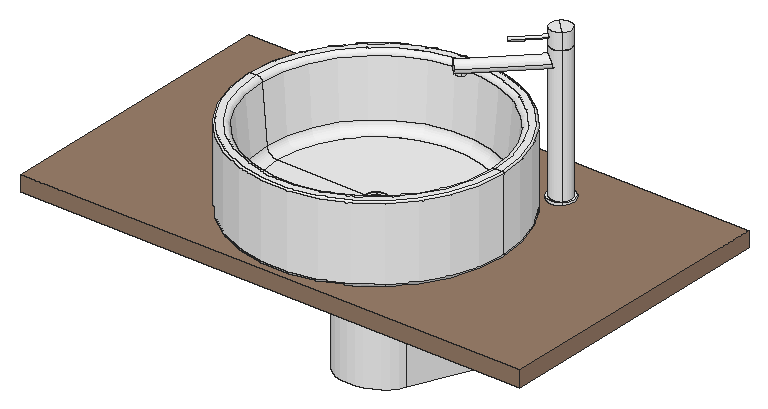
Revit family "RYN_PLU_WashBasin_Round", category Plumbing Fixtures, Revit 2025
Family settings
  Round Connector Dimension = Use Diameter
  Part Type = Normal
  Work Plane-Based = No
  Enable Cutting in Views = No
  Always vertical = Yes
  Cut with Voids When Loaded = No
  Maintain Annotation Orientation = No
  Shared = No
  Room Calculation Point = No
Parameters
  Tap Height = 300 mm
  Shelf Thickness = 30 mm
  Shelf Length = 980 mm
  Shelf Depth = 560 mm
  Material Taps and Fittings = Metal - Chrome Polished
  Material Sink = Porcelain
  Material Shelf = Wood - Walnut Natural
  Manufacturer = "Revit"
  Default Elevation = 0 mm
  Assembly Code = ""
Reference planes
  plane 1 "Center (Front/Back)": y = 0
  plane 2: z = 0
  plane 3 "Center (Left/Right)": x = 24.85
  plane 4: x = -465.15
  plane 5: x = 514.85
  plane 6: y = -560
  plane 7: y = -300
Forms (mm)
  Extrusion 1, solid, material "Wood - Walnut Natural" <- "Material Shelf"
    sketch origin (0, 0, 0) x (1, 0, 0) y (0, 1, 0)
      loop
        line (-465.15, 0) -> (-465.15, -560) -> (514.85, -560) -> (514.85, 0) -> (-465.15, 0)
    from 0 to -30
  Revolve 2, solid, material "Porcelain" <- "Material Sink"
    sketch origin (-373.715, -300, 4000) x (-1, 0, 0) y (0, 0, 1)
      loop
        line (-381.565, -4000) -> (-153.565, -4000)
        arc (-153.565, -4000) -> (-150.03, -3998.536) -> (-148.565, -3995) r 5
        line (-148.565, -3995) -> (-148.565, -3853)
        arc (-148.565, -3853) -> (-149.444, -3850.879) -> (-151.565, -3850) r 3
        line (-151.565, -3850) -> (-164.402, -3850)
        arc (-164.402, -3850) -> (-171.158, -3852.627) -> (-174.364, -3859.128) r 10
        line (-174.364, -3859.128) -> (-183.779, -3966.743)
        arc (-183.779, -3966.743) -> (-190.191, -3979.746) -> (-203.703, -3985) r 20
        line (-203.703, -3985) -> (-376.565, -3985) -> (-376.565, -3986.535) -> (-381.565, -3986.535) -> (-381.565, -4000)
      axis (-398.565, -4000) -> (-398.565, -3850)
    angle from 0 to 360
  Revolve 3, solid, material "Metal - Chrome Polished" <- "Material Taps and Fittings"
    sketch origin (-373.715, -300, 4000) x (-1, 0, 0) y (0, 0, 1)
      loop
        line (-384.827, -3985) -> (-384.827, -3996.275) -> (-398.565, -3996.275) -> (-398.565, -4000) -> (-381.565, -4000) -> (-381.565, -3986.535) -> (-376.565, -3986.535) -> (-376.565, -3985) -> (-384.827, -3985)
      axis (-398.565, -4000) -> (-398.565, -3985)
    angle from 0 to 360
  Extrusion 4, solid, material "Metal - Chrome Polished" <- "Material Taps and Fittings"
    sketch origin (0, 0, 0) x (1, 0, 0) y (0, 1, 0)
      loop
        arc (-44.237, -311.271) -> (24.85, -370) -> (93.937, -311.271) r 70
        line (93.937, -311.271) -> (144.718, 0) -> (-95.018, 0) -> (-44.237, -311.271)
    from -30 to -335.824
  Extrusion 5, void
    sketch origin (24.85, 0, 0) x (0, 1, 0) y (0, 0, 1)
      loop
        line (-380, -335.824) -> (0, -335.824) -> (-380, -275.824) -> (-380, -335.824)
    from -182.71 to 165.115
Cuts and joins
  Extrusion 5 cuts Extrusion 1
  Extrusion 5 cuts Revolve 2
  Extrusion 5 cuts Revolve 3
  Extrusion 5 cuts Extrusion 4
Lines and regions (mm)
  symbolic lines
    curve 1: circle (24.85, -300, 0) r 17 normal (0, 0, 1)
    curve 2: arc (193.127, -115.114, 0) -> (-152.405, -476.297, 0) -> (210.644, -132.727, 0) r 250
    curve 3: arc (172.149, -136.589, 0) -> (-131.472, -454.801, 0) -> (189.693, -154.306, 0) r 220
Dimensions and locks
  equal spacing: plane 4, plane 3 "Center (Left/Right)", plane 5
  "Shelf Length": plane 4 to plane 5
  "Shelf Depth": plane 6 to plane 1 "Center (Front/Back)"
  "Shelf Thickness": level to Extrusion 1
  plane 3 "Center (Left/Right)" to Revolve 2 sketch curve = 250 mm
  aligned and locked: Extrusion 4 to Extrusion 1
  aligned and locked: Extrusion 4 sketch curve to plane 1 "Center (Front/Back)"
Automatic sketch dimensions
  Extrusion 1 sketch curve to plane 4 = 0 mm
  Extrusion 1 sketch curve to plane 5 = 0 mm
  Extrusion 1 sketch curve to plane 6 = 0 mm
  Extrusion 1 sketch curve to plane 1 "Center (Front/Back)" = 0 mm
  Revolve 2 sketch curve to plane 3 "Center (Left/Right)" = 0 mm
  Revolve 2 sketch curve to level = 0 mm
  Revolve 2 sketch curve to plane 3 "Center (Left/Right)" = 17 mm
  Revolve 2 sketch curve to Revolve 2 sketch curve = 5 mm  (x2)
  level to Revolve 2 sketch curve = 35 mm
  Revolve 2 sketch curve to Revolve 2 sketch curve = 19.924 mm
  Revolve 2 sketch curve to Revolve 2 sketch curve = 9.415 mm
  Revolve 2 sketch curve to Revolve 2 sketch curve = 9.962 mm
  Revolve 2 sketch curve to Revolve 2 sketch curve = 30.214 mm
  Revolve 2 sketch curve to Revolve 2 sketch curve = 12.837 mm
  Revolve 2 sketch curve to level = 50 mm
  level to Revolve 2 sketch curve = 13.465 mm
  Revolve 2 sketch curve to Revolve 2 sketch curve = 1.535 mm
  Revolve 2 sketch curve to Revolve 2 sketch curve = 41.535 mm
  Revolve 2 sketch curve to Revolve 2 sketch curve = 106.743 mm
  Revolve 2 sketch curve to Revolve 2 sketch curve = 0.872 mm
  Revolve 3 sketch curve to level = 0 mm
  Revolve 3 sketch curve to plane 3 "Center (Left/Right)" = 0 mm  (x2)
  level to Revolve 3 sketch curve = 3.725 mm
  Revolve 3 sketch curve to Revolve 3 sketch curve = 13.738 mm
  Revolve 3 sketch curve to Revolve 3 sketch curve = 3.262 mm
  Revolve 3 sketch curve to Revolve 3 sketch curve = 5 mm
  Revolve 3 sketch curve to level = 6.992 mm
  Revolve 3 sketch curve to Revolve 3 sketch curve = 9.74 mm
  Revolve 3 sketch curve to Revolve 3 sketch curve = 1.535 mm
  Revolve 3 sketch curve to Revolve 3 sketch curve = 12.012 mm
  Extrusion 5 sketch curve to plane 1 "Center (Front/Back)" = 0 mm
  Extrusion 5 sketch curve to plane 7 = 80 mm
  Extrusion 5 sketch curve to level = 335.824 mm
  Extrusion 5 sketch curve to Extrusion 5 sketch curve = 60 mm
  Extrusion 4 sketch curve to plane 3 "Center (Left/Right)" = 0 mm
  Extrusion 4 sketch curve to plane 7 = 0 mm
  Extrusion 4 sketch curve to plane 7 = 11.271 mm  (x2)
  Extrusion 4 sketch curve to plane 3 "Center (Left/Right)" = 69.087 mm
  Extrusion 4 sketch curve to plane 3 "Center (Left/Right)" = 119.868 mm
  plane 3 "Center (Left/Right)" to Extrusion 4 sketch curve = 119.868 mm
  curve 1 to curve 2 = 0 mm
  curve 1 to curve 3 = 0 mm
  curve 2 to curve 3 = 0 mm  (x2)
  curve 2 to plane 3 "Center (Left/Right)" = 0 mm
  curve 2 to plane 7 = 0 mm
  curve 3 to curve 3 = 17.545 mm
  plane 1 "Center (Front/Back)" to curve 3 = 136.589 mm
  curve 3 to curve 2 = 20.979 mm
  curve 2 to curve 2 = 17.517 mm
  radius of curve 1 = 17 mm
  radius of curve 2 = 250 mm
  radius of curve 3 = 220 mm
Nested families
  nested 1: "UK_Mdrn Tap Style C" at (226.375, -98.475, 0) x (0.7071, -0.7071, 0) z (0, 0, 1), type "UK_Mdrn Tap Style C"
Definition of nested family "UK_Mdrn Tap Style C"
  Parameters
    Tap Height = 300 mm
    Material Tap = none
    Manufacturer = "Revit"
    Default Elevation = 0 mm
  Reference planes
    plane 1 "Center (Front/Back)": y = 0
    plane 2: z = 0
    plane 3 "Center (Left/Right)": x = 0
  Forms (mm)
    Revolve 1, solid, material <- "Material Tap"
      sketch origin (0, 0, 0) x (1, 0, 0) y (0, 0, 1)
        loop
          line (0, 0) -> (0, 300) -> (-20, 300) -> (-20, 270) -> (-18, 270) -> (-18, 268) -> (-20, 268) -> (-20, 4) -> (-25, 4) -> (-25, 0) -> (0, 0)
        axis (0, 0) -> (0, 300)
      angle from 0 to 360
    Extrusion 2, solid, material <- "Material Tap"
      sketch origin (0, 0, 0) x (1, 0, 0) y (0, 0, 1)
        loop
          circle (0, 283.268) r 3
      from 0 to 82.043
    Extrusion 3, solid, material <- "Material Tap"
      sketch origin (0, 0, 0) x (1, 0, 0) y (0, 0, 1)
        loop
          circle (0, 240.642) r 12
      from 0 to 165.708
    Extrusion 4, void
      sketch origin (0, 0, -1.47) x (0, -1, 0) y (0, 0, 1)
        loop
          line (165.708, 229.642) -> (165.708, 234.642) -> (140.708, 234.642) -> (140.708, 229.642) -> (165.708, 229.642)
      from -15.058 to 15.415
    Extrusion 5, solid, material <- "Material Tap"
      sketch origin (0, 0, 0) x (1, 0, 0) y (0, 1, 0)
        loop
          circle (0, -154.43) r 8
      from 227.072 to 233.172
  Cuts and joins
    Extrusion 4 cuts Revolve 1
    joined: Revolve 1, Extrusion 5
    Extrusion 4 cuts Extrusion 2
    Extrusion 4 cuts Extrusion 3
  Dimensions and locks
    "Tap Height": Revolve 1 sketch curve to level
    locked: Extrusion 4 sketch curve to Extrusion 4 sketch curve at 5
    locked: cut or joined group of Revolve 1, Extrusion 4, Extrusion 5 to Extrusion 5 at 6.1
    locked: cut or joined group of Revolve 1, Extrusion 4, Extrusion 5 to Extrusion 2 sketch curve at 16.732
    locked: cut or joined group of Revolve 1, Extrusion 4, Extrusion 5 to Extrusion 3 sketch curve at 59.358
    locked: cut or joined group of Revolve 1, Extrusion 4, Extrusion 5 to cut or joined group of Extrusion 3, Extrusion 4 at 66.828
    aligned and locked: Extrusion 2 to plane 1 "Center (Front/Back)"
    aligned and locked: Extrusion 3 to plane 1 "Center (Front/Back)"
    aligned and locked: cut or joined group of Revolve 1, Extrusion 4, Extrusion 5 to Extrusion 5
  Automatic sketch dimensions
    Revolve 1 sketch curve to level = 0 mm
    Revolve 1 sketch curve to plane 3 "Center (Left/Right)" = 0 mm  (x2)
    Revolve 1 sketch curve to plane 3 "Center (Left/Right)" = 18 mm
    Revolve 1 sketch curve to Revolve 1 sketch curve = 2 mm  (x2)
    Revolve 1 sketch curve to Revolve 1 sketch curve = 0 mm
    Revolve 1 sketch curve to Revolve 1 sketch curve = 5 mm
    Revolve 1 sketch curve to level = 25 mm
    level to Revolve 1 sketch curve = 4 mm
    Revolve 1 sketch curve to Revolve 1 sketch curve = 32 mm
    Revolve 1 sketch curve to Revolve 1 sketch curve = 24 mm
    Extrusion 2 sketch curve to plane 3 "Center (Left/Right)" = 0 mm
    Extrusion 3 sketch curve to plane 3 "Center (Left/Right)" = 0 mm
    Extrusion 4 sketch curve to Extrusion 4 sketch curve = 25 mm
    Extrusion 5 sketch curve to plane 3 "Center (Left/Right)" = 0 mm
    level to Extrusion 4 sketch curve = 228.172 mm
    plane 1 "Center (Front/Back)" to Extrusion 4 sketch curve = 140.708 mm
    plane 1 "Center (Front/Back)" to Extrusion 5 sketch curve = 154.43 mm
    radius of Extrusion 2 sketch curve = 3 mm
    radius of Extrusion 3 sketch curve = 12 mm
    radius of Extrusion 5 sketch curve = 8 mm
